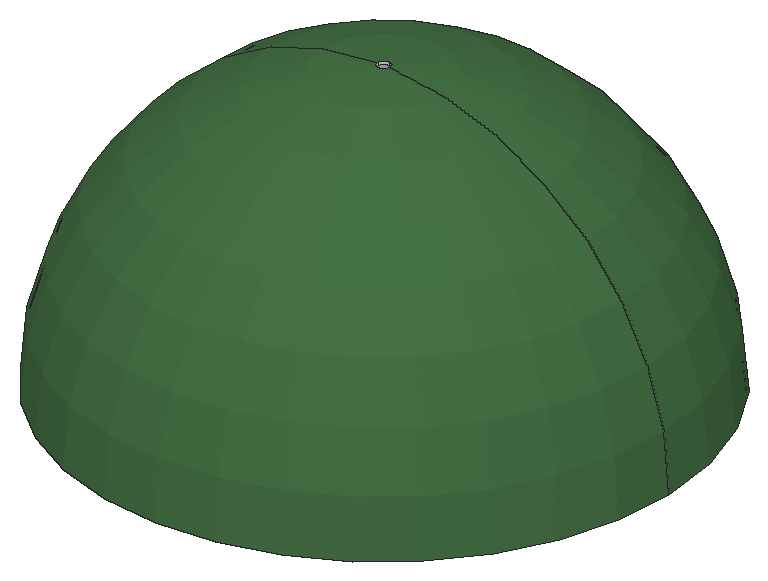
Revit family "HD24 SHADE", category Lighting Fixtures, Revit 2024
Family settings
  Round Connector Dimension = Use Diameter
  Part Type = Normal
  OmniClass Number = 23.80.70.00
  OmniClass Title = Lighting
  Work Plane-Based = No
  Always vertical = Yes
  Cut with Voids When Loaded = No
  Light Source = Yes
  Maintain Annotation Orientation = No
  Shared = No
  Room Calculation Point = No
Parameters
  Wattage = 12.1178 W
  built-in parameter 1150110 = 1 (stored number, unit not read)
  built-in parameter 1114217 = 1 (stored number, unit not read)
  built-in parameter 1150109 = 1 (stored number, unit not read)
  built-in parameter 1150134 = (empty or 0)
  built-in parameter 1150113 = 1 (stored number, unit not read)
  Lumens = 1800 lm
  built-in parameter 1150115 = 1 (stored number, unit not read)
  built-in parameter 1150105 = 572.96 (stored number, unit not read)
  Light Source Symbol Size = 2' - 0"
  built-in parameter 1150137 = (empty or 0)
  built-in parameter 1150139 = (empty or 0)
  built-in parameter 1150112 = 1 (stored number, unit not read)
  built-in parameter 1150114 = 1 (stored number, unit not read)
  built-in parameter 1150132 = 2
  built-in parameter 1150102 = (empty or 0)
  built-in parameter 1150138 = (empty or 0)
  built-in parameter 1150107 = 3000 (stored number, unit not read)
  built-in parameter 1150106 = 5.7296 (stored number, unit not read)
  built-in parameter 1150104 = 13.8 (stored number, unit not read)
  Dimming Lamp Color Temperature Shift = (empty or 0)
  Default Elevation = 0' - 0"
  Color Filter = 16777215
  built-in parameter 1114218 = 1 (stored number, unit not read)
  built-in parameter 1150133 = 10 (stored number, unit not read)
Reference planes (in)
  plane 1 "Light Source Axis (F/B)": y = 0
  plane 2: z = 0
  plane 3 "Light Source Axis (L/R)": x = 0
  plane 4 "Light Source Elevation": z = 54
Forms (in)
  Revolve 1, solid
    sketch origin (0, 0, 0) x (1, 0, 0) y (0, 0, 1)
      loop
        arc (-0.25, 65.9974) -> (-8.57321, 62.39643) -> (-12, 54) r 12
        line (-12, 54) -> (-11.90625, 54)
        arc (-11.90625, 54) -> (-8.50692, 62.33013) -> (-0.25, 65.90363) r 11.90625
        line (-0.25, 65.90363) -> (-0.25, 65.9974)
      axis (0, 65.9974) -> (0, 54)
    angle from 0 to 360
Dimensions and locks (in)
  aligned and locked: plane 3 "Light Source Axis (L/R)" to imposter light
  aligned and locked: plane 1 "Light Source Axis (F/B)" to imposter light
  aligned and locked: plane 4 "Light Source Elevation" to imposter light
  aligned and locked: level to plane 2
